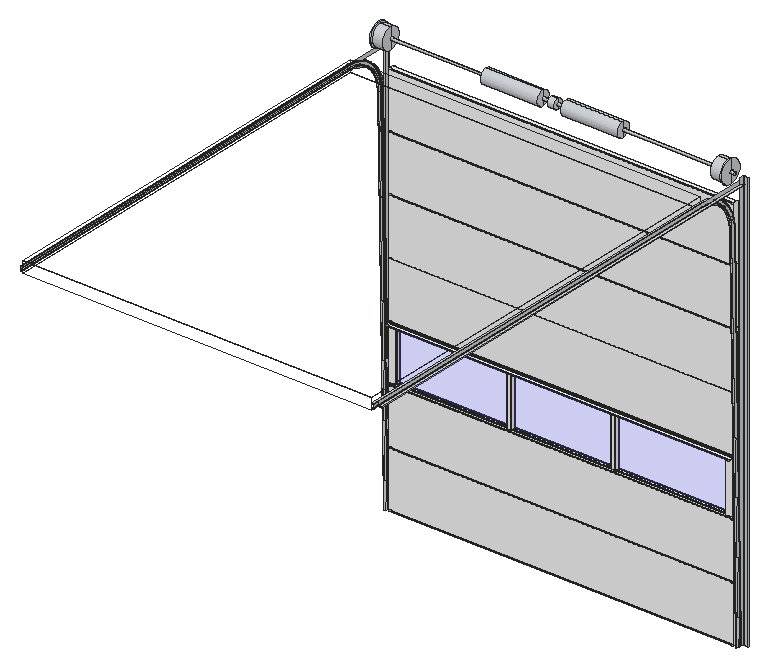
Revit family (continued)
Definition of nested family "3220 Section"
  Definition of nested family "3200 Window Array"
    Dimensions and locks (in)
      aligned and locked: plane 2 to level
      aligned and locked: Extrusion 2 sketch curve to Extrusion 1  (x4)
      aligned and locked: Extrusion 4 sketch curve to Extrusion 3  (x4)
      aligned and locked: Extrusion 6 sketch curve to Extrusion 5  (x4)
      aligned and locked: Extrusion 8 sketch curve to Extrusion 7  (x4)
  Definition of nested family "3200 Window"
    Parameters (values of type "24x8")
      Window Spacing = 3' - 8"
      Frame Width = 2' - 1"
      Frame Height = 0' - 9"
      Color = White
      Assembly Code = ""
    Types (4): name | Frame Width | Frame Height | Color
      24x8 | 2' - 1" | 0' - 9" | White
      28x14 | 2' - 4" | 1' - 2" | Tan
      40x14 | 3' - 4" | 1' - 2" | White
      24x12 | 2' - 1" | 1' - 1" | Tan
    Reference planes (in)
      plane 1 "Center (Front/Back)": y = 0
      plane 2: z = 0
      plane 3 "Center (Left/Right)": x = 0
      plane 4: y = -1
    Forms (in)
      Extrusion 1, solid, material "White" <- "Color"
        sketch origin (42.61408, 0, 0) x (1, 0, 0) y (0, 0, 1)
          loop
            line (-15.92291, 4.27206) -> (4.57709, 4.27206)
            arc (4.57709, 4.27206) -> (5.01904, 4.45512) -> (5.20209, 4.89706) r 0.625
            line (5.20209, 4.89706) -> (5.20209, 9.39706)
            arc (5.20209, 9.39706) -> (5.01904, 9.839) -> (4.57709, 10.02206) r 0.625
            line (4.57709, 10.02206) -> (-15.92291, 10.02206)
            arc (-15.92291, 10.02206) -> (-16.36485, 9.839) -> (-16.54791, 9.39706) r 0.625
            line (-16.54791, 9.39706) -> (-16.54791, 4.89706)
            arc (-16.54791, 4.89706) -> (-16.36485, 4.45512) -> (-15.92291, 4.27206) r 0.625
          loop
            line (-17.54791, 2.64706) -> (6.20209, 2.64706)
            arc (6.20209, 2.64706) -> (6.64404, 2.83012) -> (6.82709, 3.27206) r 0.625
            line (6.82709, 3.27206) -> (6.82709, 11.02206)
            arc (6.82709, 11.02206) -> (6.64404, 11.464) -> (6.20209, 11.64706) r 0.625
            line (6.20209, 11.64706) -> (-17.54791, 11.64706)
            arc (-17.54791, 11.64706) -> (-17.98985, 11.464) -> (-18.17291, 11.02206) r 0.625
            line (-18.17291, 11.02206) -> (-18.17291, 3.27206)
            arc (-18.17291, 3.27206) -> (-17.98985, 2.83012) -> (-17.54791, 2.64706) r 0.625
        from 0 to 2.25
      Extrusion 2, solid, material "Glass"
        sketch origin (44, -1, 15.9844) x (0, 0, 1) y (-1, 0, 0)
          loop
            arc (-5.96234, 17.30882) -> (-6.1454, 17.75077) -> (-6.58734, 17.93382) r 0.625
            line (-6.58734, 17.93382) -> (-11.08734, 17.93382)
            arc (-11.08734, 17.93382) -> (-11.52928, 17.75077) -> (-11.71234, 17.30882) r 0.625
            line (-11.71234, 17.30882) -> (-11.71234, -3.19118)
            arc (-11.71234, -3.19118) -> (-11.52928, -3.63312) -> (-11.08734, -3.81618) r 0.625
            line (-11.08734, -3.81618) -> (-6.58734, -3.81618)
            arc (-6.58734, -3.81618) -> (-6.1454, -3.63312) -> (-5.96234, -3.19118) r 0.625
            line (-5.96234, -3.19118) -> (-5.96234, 17.30882)
        from 0 to 0.25
    Dimensions and locks (in)
      locked: Extrusion 1 sketch curve to Extrusion 1 sketch curve at 1.625  (x4)
      "Frame Height": Extrusion 1 sketch curve to Extrusion 1 sketch curve
      "Frame Width": Extrusion 1 sketch curve to Extrusion 1 sketch curve
      radius of Extrusion 1 sketch curve = 0' - 0 5/8"  (x8)
      aligned and locked: plane 2 to level
      aligned and locked: Extrusion 2 sketch curve to Extrusion 1  (x4)
    Automatic sketch dimensions
      level to Extrusion 1 sketch curve = 0' - 11.02206"
      plane 3 "Center (Left/Right)" to Extrusion 1 sketch curve = 2' - 0.44118"
Definition of nested family "Full Vision Section"
  Parameters (values of type "Intermediate")
    Top Rail Face = if(Section Type = 3, 0' 3", 0' 0 27/32")  # 0' - 0 27/32"
    Stile Height = if(or(Section Type = 1, Section Type = 3), Section Height - 0' 3 27/32", Section Height - 0' 0 27/32" * 2)  # 1' - 10 5/16"
    SingleStileVis = and(NumIntStiles < 2, NumIntStiles > 0)  # yes
    Section Type = 2
    Section Height = 2' - 0"
    Rail Width = Door Width - 0' 0 3/16"  # 8' - 1 13/16"
    Panel Material = Glass
    NumIntStiles = if(Door Width < 4' 9", 0, if(Door Width < 9' 3", 1, if(Door Width < 13' 3", 2, if(Door Width < 16' 3", 3, if(Door Width < 20' 3", 4, 5)))))  # 1
    IntStileCtrCtr = 3' - 8"
    Half Rail Width = Rail Width / 2  # 4' - 0 29/32"
    Half Door Width = Door Width / 2  # 4' - 1"
    Glass Width = Rail Width - 0' 1"  # 8' - 0 13/16"
    Function = (empty or 0)
    Height = 0' - 0"
    Wall Closure = (empty or 0)
    Width = 0' - 0"
    Frame Material = White
    Fin Visibility = or(Section Type = 1, Section Type = 2)  # yes
    End Stile Face = if(Double End Stiles, 0' 6", 0' 3")  # 0' - 3"
    Edge to 1st Int Stile = (Door Width - (NumIntStiles - 1) * 3' 8") / 2  # 4' - 1"
    Double End Stiles = no
    Door Width = 8' - 2"
    Bottom Rail Face = if(Section Type = 1, 0' 3", 0' 0 27/32")  # 0' - 0 27/32"
    Assembly Code = ""
    ArrayStileVis = NumIntStiles > 1  # no
    ArrayIntStiles = if(NumIntStiles < 2, 2, NumIntStiles)  # 2
  Reference planes (in)
    plane 1 "Center (Front/Back)": y = 0
    plane 2 "Center (Left/Right)": x = 0
    plane 3 "Exterior": y = 3
    plane 4 "Interior": y = -3
    plane 5: y = -3.5
    plane 6: x = 49
    plane 7: x = 48.90625
    plane 8: x = -48.90625
    plane 9: x = -49
    plane 10: x = 0
    plane 11: x = 0
  Forms (in)
    Extrusion 1, solid, material "White" <- "Frame Material"
      sketch origin (-48.90625, -12, 83.08252) x (0, 0, 1) y (0, -1, 0)
        loop
          arc (-83.08252, -8.37483) -> (-83.04586, -8.46334) -> (-82.95735, -8.5) r 0.12517
          line (-82.95735, -8.5) -> (-82.23877, -8.5) -> (-82.23877, -8.37402) -> (-82.1155, -8.37402) -> (-81.7405, -7.99902) -> (-81.7405, -7.81152) -> (-82.23877, -7.81152) -> (-82.23877, -7.56152) -> (-81.7405, -7.56152) -> (-81.7405, -6.56152) -> (-82.23877, -6.56152) -> (-82.23877, -6.37582) -> (-82.95588, -6.37582)
          arc (-82.95588, -6.37582) -> (-83.04543, -6.41291) -> (-83.08252, -6.50246) r 0.12664
          line (-83.08252, -6.50246) -> (-83.08252, -8.37483)
      from 0 to 97.8125 <- "Rail Width"
    Extrusion 2, solid, material "White" <- "Frame Material"
      sketch origin (-48.90625, -12, 83.08252) x (0, 0, 1) y (0, -1, 0)
        loop
          line (-59.08252, -8.37573) -> (-59.08252, -6.50025)
          arc (-59.08252, -6.50025) -> (-59.11897, -6.41226) -> (-59.20696, -6.37582) r 0.12444
          line (-59.20696, -6.37582) -> (-59.92627, -6.37582) -> (-59.92627, -6.56152) -> (-60.42627, -6.56152) -> (-60.42627, -7.56152) -> (-59.92627, -7.56152) -> (-59.92627, -7.81152) -> (-60.42627, -7.81152) -> (-60.42627, -7.99854) -> (-60.05079, -8.37402) -> (-59.92627, -8.37402) -> (-59.92627, -8.5) -> (-59.20679, -8.5)
          arc (-59.20679, -8.5) -> (-59.11892, -8.4636) -> (-59.08252, -8.37573) r 0.12427
      from 0 to 97.8125 <- "Rail Width"
    Extrusion 3, solid, material "Glass" <- "Panel Material"
      sketch origin (-48.90625, -12, 83.08252) x (0, 0, 1) y (0, -1, 0)
        loop
          line (-59.92627, -7.81152) -> (-59.92627, -7.56152) -> (-82.23877, -7.56152) -> (-82.23877, -7.81152) -> (-59.92627, -7.81152)
      from 1 to 96.8125 <- "Glass Width"
    Extrusion 4, solid, material "White" <- "Frame Material"
      sketch origin (-48.90625, -5.43848, 23.15625) x (-1, 0, 0) y (0, 1, 0)
        loop
          line (0.09375, 1.93848) -> (-2.90625, 1.93848) -> (-2.90625, 1.8125) -> (-3.02952, 1.8125) -> (-3.40452, 1.4375) -> (-3.40452, 1.25) -> (-2.90625, 1.25) -> (-2.90625, 1) -> (-3.40452, 1) -> (-3.40452, 0) -> (-2.90625, 0) -> (-2.90625, -0.18571) -> (0.09375, -0.18571) -> (0.09375, 1.93848)
      from 0 to 22.3125 <- "Stile Height"
    Extrusion 5, solid, material "White" <- "Frame Material"
      sketch origin (-48.90625, -3.5, 23.15625) x (-1, 0, 0) y (0, 1, 0)
        loop
          line (-97.90625, 0) -> (-97.90625, -2.12418) -> (-94.90625, -2.12418) -> (-94.90625, -1.93848) -> (-94.40798, -1.93848) -> (-94.40798, -0.93848) -> (-94.90625, -0.93848) -> (-94.90625, -0.68848) -> (-94.40798, -0.68848) -> (-94.40798, -0.50098) -> (-94.78298, -0.12598) -> (-94.90625, -0.12598) -> (-94.90625, 0) -> (-97.90625, 0)
      from 0 to 22.3125 <- "Stile Height"
    Extrusion 6, solid, material "White" <- "Frame Material", visible <- "Fin Visibility"
      sketch origin (-48.90625, -12, 83.08252) x (0, 0, 1) y (0, -1, 0)
        loop
          line (-59.92627, -6.37582) -> (-59.8329, -6.37582) -> (-59.8329, -4.5475)
          arc (-59.8329, -4.5475) -> (-59.87958, -4.50082) -> (-59.92627, -4.5475) r 0.04669
          line (-59.92627, -4.5475) -> (-59.92627, -6.37582)
      from 0 to 97.8125 <- "Rail Width"
  Text (in)
    text "Exterior" at (-74.96733, 27.31104, 0), in view "Ref. Level"
    text "Interior" at (-74.96733, -25.14366, 0), in view "Ref. Level"
    text "Exterior" at (0, 40.15149, 123.01588), in view "Right"
    text "Interior" at (0, -64.39139, 123.01588), in view "Right"
    text "Interior" at (0, -31.01599, 123.00693), in view "Left"
    text "Exterior" at (0, 54.57065, 123.00693), in view "Left"
  Dimensions and locks (in)
    plane 4 "Interior" to plane 5 = 0' - 0 1/2"
    locked: Extrusion 1 sketch curve to Extrusion 1 sketch curve at 0.12598
    locked: Extrusion 1 sketch curve to Extrusion 1 sketch curve at 0.25
    locked: Extrusion 1 sketch curve to Extrusion 1 sketch curve at 1
    locked: Extrusion 1 sketch curve to Extrusion 1 sketch curve at 0.12327
    locked: Extrusion 1 sketch curve to Extrusion 1 sketch curve at 0.49827
    locked: Extrusion 1 sketch curve to Extrusion 1 sketch curve at 0.5625
    locked: Extrusion 1 sketch curve to Extrusion 1 sketch curve at 2.12418
    "Bottom Rail Face": Extrusion 1 sketch curve to Extrusion 1 sketch curve
    "Top Rail Face": Extrusion 2 sketch curve to Extrusion 2 sketch curve
    locked: Extrusion 2 sketch curve to Extrusion 2 sketch curve at 0.12452
    locked: Extrusion 2 sketch curve to Extrusion 2 sketch curve at 0.5
    locked: Extrusion 4 sketch curve to Extrusion 4 sketch curve at 2.12418
    "End Stile Face": Extrusion 4 sketch curve to Extrusion 4 sketch curve
    locked: Extrusion 4 sketch curve to Extrusion 4 sketch curve at 0.12598
    locked: Extrusion 4 sketch curve to Extrusion 4 sketch curve at 0.49827
    locked: Extrusion 4 sketch curve to Extrusion 4 sketch curve at 0.12327
    Extrusion 4 sketch curve to Extrusion 4 sketch curve to Extrusion 4 sketch curve = 0' - 0 9/16" locked, 0' - 0 1/4" locked
    locked: Extrusion 4 sketch curve to Extrusion 4 sketch curve at 1
    locked: Extrusion 4 sketch curve to Extrusion 4 sketch curve at 0.375
    locked: Extrusion 5 sketch curve to Extrusion 5 sketch curve at 0.12598
    locked: Extrusion 5 sketch curve to Extrusion 5 sketch curve at 0.25
    locked: Extrusion 5 sketch curve to Extrusion 5 sketch curve at 1
    locked: Extrusion 5 sketch curve to Extrusion 5 sketch curve at 0.12327
    locked: Extrusion 5 sketch curve to Extrusion 5 sketch curve at 0.49827
    locked: Extrusion 5 sketch curve to Extrusion 5 sketch curve at 0.5625
    locked: Extrusion 5 sketch curve to Extrusion 5 sketch curve at 2.12418
    "End Stile Face": Extrusion 5 sketch curve to Extrusion 5 sketch curve
    locked: Extrusion 5 sketch curve to Extrusion 5 sketch curve at 0.375
    locked: Extrusion 6 sketch curve to Extrusion 6 sketch curve at 0.09338
    locked: Extrusion 2 to Extrusion 6 sketch curve at 1.875
    "Edge to 1st Int Stile": plane 10 to plane 9
    "Edge to 1st Int Stile": plane 6 to plane 11
    "Half Door Width": plane 2 "Center (Left/Right)" to plane 9
    "Half Door Width": plane 6 to plane 2 "Center (Left/Right)"
    "Half Rail Width": plane 2 "Center (Left/Right)" to plane 8
    "Half Rail Width": plane 7 to plane 2 "Center (Left/Right)"
    locked: Extrusion 3 sketch curve to Extrusion 3 sketch curve at 0.25
    radius of Extrusion 2 sketch curve = 0' - 0.12427"
    radius of Extrusion 2 sketch curve = 0' - 0.12444"
    radius of Extrusion 1 sketch curve = 0' - 0.12517"
    radius of Extrusion 1 sketch curve = 0' - 0.12664"
    aligned and locked: Extrusion 1 sketch curve to Extrusion 1 sketch curve  (x3)
    aligned and locked: Extrusion 2 sketch curve to Extrusion 1  (x3)
    aligned and locked: Extrusion 1 to Extrusion 2 sketch curve  (x3)
    aligned and locked: Extrusion 2 sketch curve to Extrusion 2 sketch curve  (x3)
    aligned: Extrusion 3 sketch curve to Extrusion 2
    aligned: Extrusion 3 sketch curve to Extrusion 1
    aligned and locked: Extrusion 3 sketch curve to Extrusion 1
    aligned and locked: Extrusion 4 sketch curve to Extrusion 4 sketch curve  (x3)
    aligned and locked: Extrusion 4 sketch curve to Extrusion 2
    aligned and locked: Extrusion 5 sketch curve to Extrusion 5 sketch curve  (x3)
    aligned and locked: Extrusion 5 sketch curve to Extrusion 2
    aligned and locked: nested 1 to Extrusion 2  (x2)
    aligned and locked: Extrusion 4 to Extrusion 3
    aligned and locked: Extrusion 1 to Extrusion 4
    aligned and locked: Extrusion 6 sketch curve to Extrusion 4
    aligned and locked: Extrusion 6 sketch curve to Extrusion 2
    aligned and locked: plane 2 "Center (Left/Right)" to nested 1
    aligned and locked: nested 1 to plane 5
    aligned and locked: Extrusion 5 sketch curve to plane 6
    aligned and locked: Extrusion 4 sketch curve to plane 9
    aligned and locked: plane 11 to nested 2
    aligned and locked: Extrusion 4 to nested 2
    aligned and locked: nested 2 to Extrusion 1
    aligned and locked: Extrusion 3 sketch curve to Extrusion 4  (x2)
  Automatic sketch dimensions
    Extrusion 1 sketch curve to level = 0' - 0"
    Extrusion 1 sketch curve to plane 5 = 0' - 0"
    Extrusion 1 sketch curve to Extrusion 1 sketch curve = 0' - 0 3/16"
    Extrusion 2 sketch curve to plane 5 = 0' - 0.50146"
    level to Extrusion 2 sketch curve = 1' - 10 21/32"
    Extrusion 2 sketch curve to Extrusion 2 sketch curve = 0' - 0 1/2"
  Nested families (in)
    nested 1: "Int Stile for Single" at (0, -3.5, 0.84375), visible <- "SingleStileVis", type "Single"
      with Stile Height 1' - 10 5/16"
    nested 2: "902 Int Stile Array" at (0, -3.5, 0.84375), visible <- "ArrayStileVis", type "Array"
      with NumIntStiles 2
  Definition of nested family "Int Stile for Single"
    Parameters (values of type "Single")
      Stile Height = 1' - 8 5/32"
      Frame Material = none
      Assembly Code = ""
    Reference planes (in)
      plane 1 "Center (Front/Back)": y = 0
      plane 2: z = 0
      plane 3 "Center (Left/Right)": x = 0
      plane 4: z = 20.15625
    Forms (in)
      Extrusion 1, solid, material <- "Frame Material"
        sketch origin (0, 0, 0) x (1, 0, 0) y (0, 1, 0)
          loop
            line (-0.65625, 0) -> (-0.65625, -0.125) -> (-0.78125, -0.125) -> (-1.15625, -0.5) -> (-1.15625, -0.63751) -> (-0.65625, -0.63751) -> (-0.65625, -0.88751) -> (-1.15625, -0.88751) -> (-1.15625, -1.88751) -> (-0.65625, -1.88751) -> (-0.65625, -2.125) -> (0.65625, -2.125) -> (0.65625, -1.88751) -> (1.15625, -1.88751) -> (1.15625, -0.88751) -> (0.65625, -0.88751) -> (0.65625, -0.63751) -> (1.15625, -0.63751) -> (1.15625, -0.5) -> (0.78125, -0.125) -> (0.65625, -0.125) -> (0.65625, 0) -> (-0.65625, 0)
        from 0 to 20.15625 <- "Stile Height"
    Dimensions and locks (in)
      "Stile Height": level to plane 4
      locked: Extrusion 1 sketch curve to Extrusion 1 sketch curve at 1.3125
      locked: Extrusion 1 sketch curve to Extrusion 1 sketch curve at 0.5  (x2)
      locked: Extrusion 1 sketch curve to plane 3 "Center (Left/Right)" at 1.15625
      locked: Extrusion 1 sketch curve to Extrusion 1 sketch curve at 2.125
      locked: Extrusion 1 sketch curve to Extrusion 1 sketch curve at 0.25
      locked: Extrusion 1 sketch curve to Extrusion 1 sketch curve at 1
      locked: Extrusion 1 sketch curve to Extrusion 1 sketch curve at 0.375  (x4)
      locked: Extrusion 1 sketch curve to Extrusion 1 sketch curve at 0.125  (x3)
      aligned and locked: plane 2 to level
      aligned and locked: Extrusion 1 sketch curve to Extrusion 1 sketch curve  (x8)
    Automatic sketch dimensions
      plane 1 "Center (Front/Back)" to Extrusion 1 sketch curve = 0' - 0"
      Extrusion 1 sketch curve to Extrusion 1 sketch curve = 0' - 0.23749"
  Definition of nested family "902 Int Stile Array"
    Parameters (values of type "Array")
      Stile Height = 1' - 10 5/16"
      NumIntStiles = 4
      IntStileCtrCtr = 3' - 8"
      Frame Material = none
      Assembly Code = ""
    Reference planes (in)
      plane 1 "Center (Front/Back)": y = 0
      plane 2: z = 0
      plane 3 "Center (Left/Right)": x = 0
      plane 4: z = 22.3125
      plane 5: x = 1.15625
      plane 6: x = -42.84375
    Forms (in)
      Extrusion 1, solid, material <- "Frame Material"
        sketch origin (0, 0, 0) x (1, 0, 0) y (0, 1, 0)
          loop
            line (-0.65625, 0) -> (-0.65625, -0.125) -> (-0.78125, -0.125) -> (-1.15625, -0.5) -> (-1.15625, -0.63751) -> (-0.65625, -0.63751) -> (-0.65625, -0.88751) -> (-1.15625, -0.88751) -> (-1.15625, -1.88751) -> (-0.65625, -1.88751) -> (-0.65625, -2.125) -> (0.65625, -2.125) -> (0.65625, -1.88751) -> (1.15625, -1.88751) -> (1.15625, -0.88751) -> (0.65625, -0.88751) -> (0.65625, -0.63751) -> (1.15625, -0.63751) -> (1.15625, -0.5) -> (0.78125, -0.125) -> (0.65625, -0.125) -> (0.65625, 0) -> (-0.65625, 0)
        from 0 to 22.3125 <- "Stile Height"
      Extrusion 2, solid, material <- "Frame Material"
        sketch origin (-44, 0, 0) x (1, 0, 0) y (0, 1, 0)
          loop
            line (-0.65625, 0) -> (-0.65625, -0.125) -> (-0.78125, -0.125) -> (-1.15625, -0.5) -> (-1.15625, -0.63751) -> (-0.65625, -0.63751) -> (-0.65625, -0.88751) -> (-1.15625, -0.88751) -> (-1.15625, -1.88751) -> (-0.65625, -1.88751) -> (-0.65625, -2.125) -> (0.65625, -2.125) -> (0.65625, -1.88751) -> (1.15625, -1.88751) -> (1.15625, -0.88751) -> (0.65625, -0.88751) -> (0.65625, -0.63751) -> (1.15625, -0.63751) -> (1.15625, -0.5) -> (0.78125, -0.125) -> (0.65625, -0.125) -> (0.65625, 0) -> (-0.65625, 0)
        from 0 to 22.3125 <- "Stile Height"
      Extrusion 3, solid, material <- "Frame Material"
        sketch origin (-88, 0, 0) x (1, 0, 0) y (0, 1, 0)
          loop
            line (-0.65625, 0) -> (-0.65625, -0.125) -> (-0.78125, -0.125) -> (-1.15625, -0.5) -> (-1.15625, -0.63751) -> (-0.65625, -0.63751) -> (-0.65625, -0.88751) -> (-1.15625, -0.88751) -> (-1.15625, -1.88751) -> (-0.65625, -1.88751) -> (-0.65625, -2.125) -> (0.65625, -2.125) -> (0.65625, -1.88751) -> (1.15625, -1.88751) -> (1.15625, -0.88751) -> (0.65625, -0.88751) -> (0.65625, -0.63751) -> (1.15625, -0.63751) -> (1.15625, -0.5) -> (0.78125, -0.125) -> (0.65625, -0.125) -> (0.65625, 0) -> (-0.65625, 0)
        from 0 to 22.3125 <- "Stile Height"
      Extrusion 4, solid, material <- "Frame Material"
        sketch origin (-132, 0, 0) x (1, 0, 0) y (0, 1, 0)
          loop
            line (-0.65625, 0) -> (-0.65625, -0.125) -> (-0.78125, -0.125) -> (-1.15625, -0.5) -> (-1.15625, -0.63751) -> (-0.65625, -0.63751) -> (-0.65625, -0.88751) -> (-1.15625, -0.88751) -> (-1.15625, -1.88751) -> (-0.65625, -1.88751) -> (-0.65625, -2.125) -> (0.65625, -2.125) -> (0.65625, -1.88751) -> (1.15625, -1.88751) -> (1.15625, -0.88751) -> (0.65625, -0.88751) -> (0.65625, -0.63751) -> (1.15625, -0.63751) -> (1.15625, -0.5) -> (0.78125, -0.125) -> (0.65625, -0.125) -> (0.65625, 0) -> (-0.65625, 0)
        from 0 to 22.3125 <- "Stile Height"
    Dimensions and locks (in)
      "Stile Height": level to plane 4
      locked: Extrusion 1 sketch curve to Extrusion 1 sketch curve at 1.3125
      locked: Extrusion 1 sketch curve to Extrusion 1 sketch curve at 0.5  (x2)
      locked: Extrusion 1 sketch curve to Extrusion 1 sketch curve at 2.125
      locked: Extrusion 1 sketch curve to Extrusion 1 sketch curve at 0.25
      locked: Extrusion 1 sketch curve to Extrusion 1 sketch curve at 1
      locked: Extrusion 1 sketch curve to Extrusion 1 sketch curve at 0.375  (x4)
      locked: Extrusion 1 sketch curve to Extrusion 1 sketch curve at 0.125  (x3)
      locked: Extrusion 2 sketch curve to Extrusion 2 sketch curve at 1.3125
      locked: Extrusion 2 sketch curve to Extrusion 2 sketch curve at 0.5  (x2)
      locked: Extrusion 2 sketch curve to Extrusion 2 sketch curve at 2.125
      locked: Extrusion 2 sketch curve to Extrusion 2 sketch curve at 0.25
      locked: Extrusion 2 sketch curve to Extrusion 2 sketch curve at 1
      locked: Extrusion 2 sketch curve to Extrusion 2 sketch curve at 0.375  (x4)
      locked: Extrusion 2 sketch curve to Extrusion 2 sketch curve at 0.125  (x3)
      equal spacing: group 4, group 3, group 2, group 1
      equal spacing: group 1, group 2, group 3, group 4  (x2)
      "IntStileCtrCtr": plane 5 to plane 6
      locked: Extrusion 3 sketch curve to Extrusion 3 sketch curve at 1.3125
      locked: Extrusion 3 sketch curve to Extrusion 3 sketch curve at 0.5  (x2)
      locked: Extrusion 3 sketch curve to Extrusion 3 sketch curve at 2.125
      locked: Extrusion 3 sketch curve to Extrusion 3 sketch curve at 0.25
      locked: Extrusion 3 sketch curve to Extrusion 3 sketch curve at 1
      locked: Extrusion 3 sketch curve to Extrusion 3 sketch curve at 0.375  (x4)
      locked: Extrusion 3 sketch curve to Extrusion 3 sketch curve at 0.125  (x3)
      locked: Extrusion 4 sketch curve to Extrusion 4 sketch curve at 1.3125
      locked: Extrusion 4 sketch curve to Extrusion 4 sketch curve at 0.5  (x2)
      locked: Extrusion 4 sketch curve to Extrusion 4 sketch curve at 2.125
      locked: Extrusion 4 sketch curve to Extrusion 4 sketch curve at 0.25
      locked: Extrusion 4 sketch curve to Extrusion 4 sketch curve at 1
      locked: Extrusion 4 sketch curve to Extrusion 4 sketch curve at 0.375  (x4)
      locked: Extrusion 4 sketch curve to Extrusion 4 sketch curve at 0.125  (x3)
      aligned and locked: plane 2 to level
      aligned and locked: Extrusion 1 sketch curve to Extrusion 1 sketch curve  (x8)
      aligned and locked: Extrusion 2 sketch curve to Extrusion 2 sketch curve  (x8)
      aligned and locked: plane 5 to Extrusion 1
      aligned and locked: plane 6 to Extrusion 2
      aligned and locked: Extrusion 3 sketch curve to Extrusion 3 sketch curve  (x8)
      aligned and locked: Extrusion 4 sketch curve to Extrusion 4 sketch curve  (x8)
    Automatic sketch dimensions
      Extrusion 1 sketch curve to Extrusion 1 sketch curve = 0' - 0.23749"
      Extrusion 2 sketch curve to Extrusion 2 sketch curve = 0' - 0.23749"
      Extrusion 3 sketch curve to Extrusion 3 sketch curve = 0' - 0.23749"
      Extrusion 4 sketch curve to Extrusion 4 sketch curve = 0' - 0.23749"
